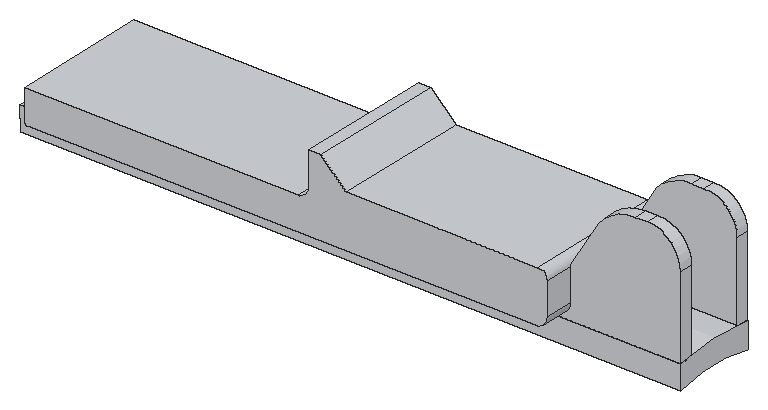
Revit family
Parameters (values of type "Type 1")
  Material ID = "760152876\r\n760152827\r\n760152876"
  Description = "Hand Termination Tool - Seat Only\r\nHand Termination Tool - Seat Only\r\nHand Termination Tool - Seat Only\r\nHand Termination Tool - Seat Only"
Reference planes (in)
  plane 1 "Center (Front/Back)": y = 0
  plane 2: z = 0
  plane 3 "Center (Left/Right)": x = 0
Forms (in)
  Extrusion 1, solid
    sketch origin (0, 0, 0) x (1, 0, 0) y (0, 0, 1)
      loop
        line (-1.82286, 0) -> (2.02327, 0)
        arc (2.02327, 0) -> (2.08478, 0.02548) -> (2.11026, 0.087) r 0.087
        line (2.11026, 0.087) -> (2.11026, 0.32705)
        arc (2.11026, 0.32705) -> (2.09007, 0.37581) -> (2.04132, 0.396) r 0.06895
        line (2.04132, 0.396) -> (0.58241, 0.396) -> (0.39602, 0.58239) -> (0.303, 0.58239) -> (0.303, 0.33)
        arc (0.303, 0.33) -> (0.27957, 0.27343) -> (0.223, 0.25) r 0.08
        line (0.223, 0.25) -> (-1.85, 0.25) -> (-1.85, 0.02714)
        arc (-1.85, 0.02714) -> (-1.84205, 0.00795) -> (-1.82286, 0) r 0.02714
    from 0 to 1.04
  Extrusion 2, solid
    sketch origin (0, 0, -0.00198) x (1, 0, 0) y (0, 0, 1)
      loop
        arc (2.30952, 0.04012) -> (2.46509, 0.41568) -> (2.08952, 0.26012) r 0.22
        line (2.08952, 0.26012) -> (2.08952, 0.04012) -> (2.30952, 0.04012)
    from 0.27968 to 0.72738
  Extrusion 3, solid
    sketch origin (-1.85, 0, 0) x (0, 0, 1) y (0, 1, 0)
      loop
        line (-0.02097, -0.18626) -> (-0.21622, -0.18626)
        arc (-0.21622, -0.18626) -> (-0.17672, -0.50589) -> (-0.21308, -0.82588) r 1.36706
        line (-0.21308, -0.82588) -> (-0.03034, -0.82588)
        arc (-0.03034, -0.82588) -> (0.00351, -0.5065) -> (-0.02097, -0.18626) r 1.7683
    from -4.7984 to 0.2016
  Extrusion 4, solid
    sketch origin (-1.85, -0.82588, -0.02097) x (0, 0, -1) y (1, 0, 0)
      loop
        line (0.01378, 4.7984) -> (-0.61232, 4.7984)
        arc (-0.61232, 4.7984) -> (-0.7891, 4.72518) -> (-0.86232, 4.5484) r 0.25
        line (-0.86232, 4.5484) -> (-0.86232, 4.45815)
        arc (-0.86232, 4.45815) -> (-0.82555, 4.30198) -> (-0.72296, 4.17863) r 0.35
        line (-0.72296, 4.17863) -> (-0.22934, 3.88384)
        arc (-0.22934, 3.88384) -> (-0.09721, 3.80201) -> (0.01378, 3.69322) r 0.70491
        line (0.01378, 3.69322) -> (0.01378, 4.7984)
    from 0 to -0.0985
  Extrusion 5, solid
    sketch origin (-1.85, -0.82588, -0.02097) x (0, 0, -1) y (1, 0, 0)
      loop
        line (0.01378, 4.7984) -> (-0.61232, 4.7984)
        arc (-0.61232, 4.7984) -> (-0.7891, 4.72518) -> (-0.86232, 4.5484) r 0.25
        line (-0.86232, 4.5484) -> (-0.86232, 4.45815)
        arc (-0.86232, 4.45815) -> (-0.82555, 4.30198) -> (-0.72296, 4.17863) r 0.35
        line (-0.72296, 4.17863) -> (-0.22934, 3.88384)
        arc (-0.22934, 3.88384) -> (-0.09721, 3.80201) -> (0.01378, 3.69322) r 0.70491
        line (0.01378, 3.69322) -> (0.01378, 4.7984)
    from 0 to -0.0985
  Extrusion 6, solid
    sketch origin (0, -0.27968, -0.00198) x (-1, 0, 0) y (0, 0, 1)
      loop
        line (-2.93949, -0.01899) -> (-1.85695, -0.01899)
        arc (-1.85695, -0.01899) -> (-1.95221, 0.09042) -> (-2.03384, 0.21035) r 1.22319
        line (-2.03384, 0.21035) -> (-2.32863, 0.70397)
        arc (-2.32863, 0.70397) -> (-2.44864, 0.79567) -> (-2.59612, 0.82826) r 0.35
        line (-2.59612, 0.82826) -> (-2.68949, 0.82826)
        arc (-2.68949, 0.82826) -> (-2.86626, 0.75503) -> (-2.93949, 0.57826) r 0.25
        line (-2.93949, 0.57826) -> (-2.93949, -0.01899)
    from 0 to 0.09341
